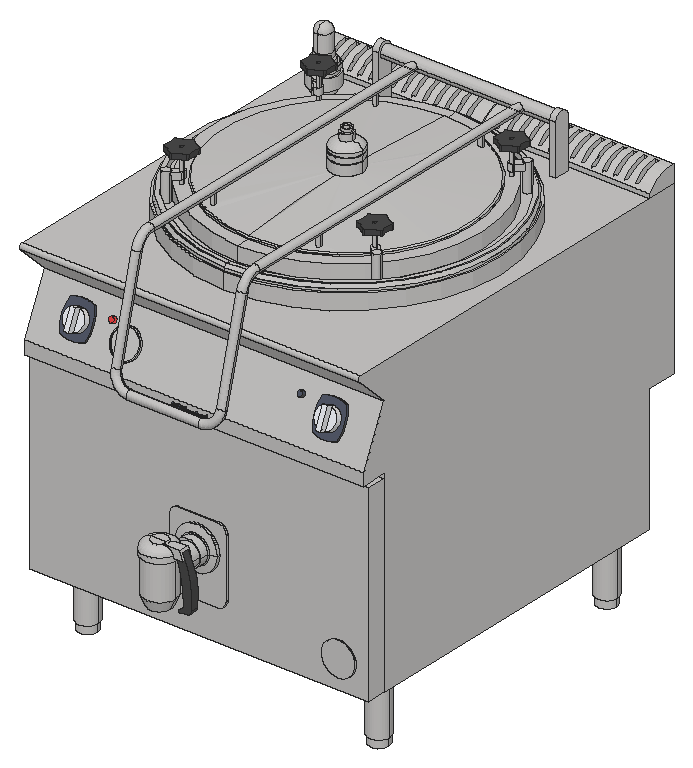
Revit family "QF_ELECTROLUXPROFESSIONAL_391616_E9NNETBAMEC", category Attrezzature speciali, Revit 2018 (continued)
Lines and regions (mm)
  symbolic lines
    curve 225: arc (624.323, -262.931, 0) -> (628.323, -258.931, 0) -> (632.323, -262.931, 0) r 4
    curve 226: arc (657.768, -246.369, 0) -> (653.24, -234.241, 0) -> (640.819, -237.891, 0) r 9.5
    curve 227: arc (400, -829, 0) -> (341.533, -824.274, 0) -> (284.584, -810.217, 0) r 364
    curve 228: arc (400, -819.087, 0) -> (341.488, -814.219, 0) -> (284.584, -799.749, 0) r 354.087
    curve 229: arc (400, -810.163, 0) -> (341.443, -805.16, 0) -> (284.584, -790.295, 0) r 345.163
    curve 230: arc (400, -785.832, 0) -> (341.301, -780.416, 0) -> (284.584, -764.353, 0) r 320.832
    curve 231: arc (400, -753.723, 0) -> (341.05, -747.641, 0) -> (284.584, -729.651, 0) r 288.723
    curve 232: arc (400, -176.277, 0) -> (458.95, -182.359, 0) -> (515.416, -200.349, 0) r 288.723
    curve 233: arc (400, -144.168, 0) -> (458.699, -149.584, 0) -> (515.416, -165.647, 0) r 320.832
    curve 234: arc (400, -119.837, 0) -> (458.557, -124.84, 0) -> (515.416, -139.705, 0) r 345.163
    curve 235: arc (454.332, -115.106, 0) -> (485.211, -121.319, 0) -> (515.416, -130.251, 0) r 354.087
    curve 236: arc (500.351, -115.106, 0) -> (507.909, -117.363, 0) -> (515.416, -119.783, 0) r 364
    curve 237: arc (284.584, -119.783, 0) -> (292.091, -117.363, 0) -> (299.649, -115.106, 0) r 364
    curve 238: arc (284.584, -130.251, 0) -> (314.789, -121.319, 0) -> (345.668, -115.106, 0) r 354.087
    curve 239: arc (284.584, -139.705, 0) -> (341.443, -124.84, 0) -> (400, -119.837, 0) r 345.163
    curve 240: arc (284.584, -165.647, 0) -> (341.301, -149.584, 0) -> (400, -144.168, 0) r 320.832
    curve 241: arc (284.584, -200.349, 0) -> (341.05, -182.359, 0) -> (400, -176.277, 0) r 288.723
    curve 242: arc (534.416, -209.474, 0) -> (568.945, -230.866, 0) -> (600.131, -256.892, 0) r 288.723
    curve 243: arc (534.416, -173.684, 0) -> (580.763, -199.938, 0) -> (622.126, -233.499, 0) r 320.832
    curve 244: arc (534.416, -147.085, 0) -> (745.163, -465, 0) -> (534.416, -782.915, 0) r 345.163
    curve 245: arc (534.416, -137.418, 0) -> (754.087, -465, 0) -> (534.416, -792.582, 0) r 354.087
    curve 246: arc (534.416, -126.727, 0) -> (764, -465, 0) -> (534.416, -803.273, 0) r 364
    curve 247: arc (265.584, -720.526, 0) -> (231.055, -699.134, 0) -> (199.869, -673.108, 0) r 288.723
    curve 248: arc (265.584, -756.316, 0) -> (219.237, -730.062, 0) -> (177.874, -696.501, 0) r 320.832
    curve 249: arc (265.584, -782.915, 0) -> (54.837, -465, 0) -> (265.584, -147.085, 0) r 345.163
    curve 250: arc (265.584, -792.582, 0) -> (45.913, -465, 0) -> (265.584, -137.418, 0) r 354.087
    curve 251: arc (265.584, -803.273, 0) -> (36, -465, 0) -> (265.584, -126.727, 0) r 364
    curve 252: arc (515.416, -810.217, 0) -> (458.467, -824.274, 0) -> (400, -829, 0) r 364
    curve 253: arc (515.416, -799.749, 0) -> (458.512, -814.219, 0) -> (400, -819.087, 0) r 354.087
    curve 254: arc (515.416, -790.295, 0) -> (458.557, -805.16, 0) -> (400, -810.163, 0) r 345.163
    curve 255: arc (515.416, -764.353, 0) -> (458.699, -780.416, 0) -> (400, -785.832, 0) r 320.832
    curve 256: arc (515.416, -729.651, 0) -> (458.95, -747.641, 0) -> (400, -753.723, 0) r 288.723
    curve 257: arc (199.869, -256.892, 0) -> (231.055, -230.866, 0) -> (265.584, -209.474, 0) r 288.723
    curve 258: arc (177.874, -233.499, 0) -> (219.237, -199.938, 0) -> (265.584, -173.684, 0) r 320.832
    curve 259: arc (632.594, -293.941, 0) -> (688.723, -465, 0) -> (632.594, -636.059, 0) r 288.723
    curve 260: arc (657.013, -272.965, 0) -> (720.832, -465, 0) -> (657.013, -657.035, 0) r 320.832
    curve 261: arc (600.131, -673.108, 0) -> (568.945, -699.134, 0) -> (534.416, -720.526, 0) r 288.723
    curve 262: arc (622.126, -696.501, 0) -> (580.763, -730.062, 0) -> (534.416, -756.316, 0) r 320.832
    curve 263: arc (167.406, -636.059, 0) -> (111.277, -465, 0) -> (167.406, -293.941, 0) r 288.723
    curve 264: arc (142.987, -657.035, 0) -> (79.168, -465, 0) -> (142.987, -272.965, 0) r 320.832
    curve 265: line (284.584, -930, 0) -> (515.416, -930, 0)
    curve 266: line (534.416, -930, 0) -> (800, -930, 0)
    curve 267: arc (363.126, -465, 0) -> (400, -428.126, 0) -> (436.874, -465, 0) r 36.874
    curve 268: arc (436.874, -465, 0) -> (400, -501.874, 0) -> (363.126, -465, 0) r 36.874
    curve 269: arc (411.853, -465, 0) -> (400, -476.853, 0) -> (388.147, -465, 0) r 11.853
    curve 270: arc (388.147, -465, 0) -> (400, -453.147, 0) -> (411.853, -465, 0) r 11.853
    curve 271: arc (393.147, -465, 0) -> (400, -458.147, 0) -> (406.853, -465, 0) r 6.853
    curve 272: arc (406.853, -465, 0) -> (400, -471.853, 0) -> (393.147, -465, 0) r 6.853
  sketch lines
    curve 273: line (524.916, -890.935, 965.089) -> (524.916, -107.606, 965.089)
    curve 274: line (275.084, -890.935, 965.089) -> (275.084, -107.606, 965.089)
    curve 275: line (275.084, -989.388, 712.205) -> (275.084, -929.572, 935.442)
    curve 276: line (484.916, -1000.106, 672.205) -> (315.084, -1000.106, 672.205)
    curve 277: line (524.916, -929.572, 935.442) -> (524.916, -989.388, 712.205)
    curve 278: spline (484.916, -1000.106, 672.205) -> (490.158, -1000.013, 672.551) -> (495.264, -999.741, 673.567) -> (500.22, -999.29, 675.249) -> (504.918, -998.67, 677.565) -> (509.267, -997.891, 680.471) -> (513.2, -996.967, 683.92) -> (516.65, -995.913, 687.855) -> (519.555, -994.746, 692.209) -> (521.869, -993.489, 696.901) -> (523.551, -992.164, 701.847) -> (524.57, -990.793, 706.961) -> (524.916, -989.388, 712.205)
    curve 279: spline (275.084, -989.388, 712.205) -> (275.43, -990.793, 706.963) -> (276.446, -992.161, 701.857) -> (278.128, -993.489, 696.901) -> (280.443, -994.748, 692.203) -> (283.35, -995.913, 687.854) -> (286.799, -996.967, 683.921) -> (290.734, -997.891, 680.471) -> (295.088, -998.67, 677.567) -> (299.78, -999.29, 675.252) -> (304.726, -999.74, 673.571) -> (309.84, -1000.013, 672.552) -> (315.084, -1000.106, 672.205)
    curve 280: arc (275.084, -890.935, 965.089) -> (275.084, -915.286, 956.823) -> (275.084, -929.572, 935.442) r 40
    curve 281: arc (524.916, -929.572, 935.442) -> (524.916, -915.286, 956.823) -> (524.916, -890.935, 965.089) r 40
    curve 282: line (275.084, -107.606, 965.089) -> (275.084, -270.469, 1731.3)
    curve 283: line (275.084, -538.322, 1775.026) -> (275.084, -307.502, 1762.929)
    curve 284: arc (275.084, -270.469, 1731.3) -> (275.084, -283.617, 1753.4) -> (275.084, -307.502, 1762.929) r 40
    curve 285: arc (275.084, -538.322, 1775.026) -> (286.8, -566.568, 1776.497) -> (315.084, -578.268, 1777.106) r 40
    curve 286: line (315.084, -578.268, 1777.106) -> (484.916, -578.268, 1777.106)
    curve 287: arc (524.916, -538.322, 1775.026) -> (513.2, -566.568, 1776.497) -> (484.916, -578.268, 1777.106) r 40
    curve 288: line (524.916, -538.322, 1775.026) -> (524.916, -307.502, 1762.929)
    curve 289: arc (524.916, -270.469, 1731.3) -> (524.916, -283.617, 1753.4) -> (524.916, -307.502, 1762.929) r 40
    curve 290: line (524.916, -107.606, 965.089) -> (524.916, -270.469, 1731.3)
Dimensions and locks
  equal spacing: plane 3 "LEFT", plane 7 "Center Y", plane 4 "RIGHT"
  plane 3 "LEFT" to plane 4 "RIGHT" = 800 mm
  equal spacing: plane 5 "FRONT", plane 8 "Center X", plane 1 "BACK"
  plane 5 "FRONT" to plane 1 "BACK" = 930 mm
  plane 6 "TOP" to level = 850 mm  (x2)
  plane 11 to level = 1786 mm  (x2)
  plane 9 "Base" to level = 150 mm  (x2)
  plane 6 "TOP" to plane 9 "Base" = 700 mm
  plane 13 to plane 3 "LEFT" = 56 mm
  plane 4 "RIGHT" to plane 14 = 56 mm
  plane 13 to plane 14 = 688 mm
  plane 12 to plane 5 "FRONT" = 130 mm
  plane 12 to Extrusion 5 = 101 mm
  Extrusion 5 to plane 10 = 116 mm
  plane 1 "BACK" to Extrusion 5 = 901 mm
  Extrusion 5 to plane 9 "Base" = 299 mm
  plane 1 "BACK" to Extrusion 5 = 72 mm
  Extrusion 21 sketch curve to plane 1 "BACK" = 655 mm
  Extrusion 21 sketch curve to plane 4 "RIGHT" = 54 mm
  Extrusion 22 sketch curve to plane 1 "BACK" = 721 mm
  Extrusion 22 sketch curve to plane 4 "RIGHT" = 71 mm
  Extrusion 22 to plane 1 "BACK" = 721 mm
  Extrusion 21 to plane 1 "BACK" = 655 mm
  plane 15 to plane 4 "RIGHT" = 54 mm
  plane 16 to plane 4 "RIGHT" = 71 mm
  Extrusion 23 sketch curve to plane 1 "BACK" = 646 mm
  Extrusion 23 sketch curve to plane 1 "BACK" = 716 mm
  Extrusion 23 to plane 1 "BACK" = 646 mm
  Extrusion 23 to plane 1 "BACK" = 716 mm
  plane 3 "LEFT" to plane 17 = 47 mm
  plane 1 "BACK" to plane 20 = 127 mm
  plane 20 to plane 12 = 673 mm
  Revolve 35 to level = 266 mm
  plane 9 "Base" to Extrusion 23 = 13 mm
  level to Extrusion 23 = 137 mm
  Extrusion 38 sketch curve to plane 1 "BACK" = 716 mm
  aligned and locked: level to plane 2
  aligned and locked: plane 4 "RIGHT" to Extrusion 5
Automatic sketch dimensions
  Revolve 1 sketch curve to plane 9 "Base" = 0 mm  (x2)
  Revolve 1 sketch curve to level = 0 mm
  plane 13 to Revolve 1 sketch curve = 0 mm  (x2)
  plane 17 to Revolve 1 sketch curve = 13.9 mm
  Revolve 1 sketch curve to Revolve 1 sketch curve = 2.5 mm
  level to Revolve 1 sketch curve = 19.05 mm
  plane 9 "Base" to Revolve 1 sketch curve = 20 mm
  Revolve 2 sketch curve to plane 9 "Base" = 0 mm  (x2)
  Revolve 2 sketch curve to level = 0 mm
  Revolve 2 sketch curve to plane 14 = 0 mm  (x2)
  Revolve 2 sketch curve to plane 15 = 20.9 mm
  Revolve 2 sketch curve to Revolve 2 sketch curve = 2.5 mm
  plane 9 "Base" to Revolve 2 sketch curve = 20 mm
  level to Revolve 2 sketch curve = 19.05 mm
  Revolve 3 sketch curve to plane 9 "Base" = 0 mm  (x2)
  Revolve 3 sketch curve to level = 0 mm
  plane 13 to Revolve 3 sketch curve = 0 mm  (x2)
  plane 17 to Revolve 3 sketch curve = 13.9 mm
  Revolve 3 sketch curve to Revolve 3 sketch curve = 2.5 mm
  level to Revolve 3 sketch curve = 19.05 mm
  plane 9 "Base" to Revolve 3 sketch curve = 20 mm
  Revolve 4 sketch curve to plane 9 "Base" = 0 mm  (x2)
  Revolve 4 sketch curve to level = 0 mm
  Revolve 4 sketch curve to plane 14 = 0 mm  (x2)
  Revolve 4 sketch curve to plane 15 = 20.9 mm
  Revolve 4 sketch curve to Revolve 4 sketch curve = 2.5 mm
  plane 9 "Base" to Revolve 4 sketch curve = 20 mm
  level to Revolve 4 sketch curve = 19.05 mm
  Extrusion 5 sketch curve to plane 6 "TOP" = 0 mm
  Extrusion 5 sketch curve to plane 9 "Base" = 0 mm  (x2)
  Extrusion 5 sketch curve to plane 1 "BACK" = 0 mm
  plane 20 to Extrusion 5 sketch curve = 55 mm
  Extrusion 5 sketch curve to plane 12 = 51.569 mm
  Extrusion 5 sketch curve to Extrusion 5 sketch curve = 3.175 mm  (x2)
  Extrusion 5 sketch curve to Extrusion 5 sketch curve = 0.442 mm
  Extrusion 5 sketch curve to plane 12 = 56.613 mm
  Extrusion 5 sketch curve to plane 5 "FRONT" = 29 mm
  Extrusion 5 sketch curve to plane 5 "FRONT" = 14.69 mm
  Extrusion 5 sketch curve to plane 5 "FRONT" = 7.658 mm
  Extrusion 5 sketch curve to plane 5 "FRONT" = 2.243 mm
  plane 9 "Base" to Extrusion 5 sketch curve = 299 mm
  Extrusion 5 sketch curve to plane 6 "TOP" = 247.929 mm
  Extrusion 5 sketch curve to Extrusion 5 sketch curve = 8.058 mm
  Extrusion 5 sketch curve to Extrusion 5 sketch curve = 9.61 mm
  Extrusion 5 sketch curve to Extrusion 5 sketch curve = 31.298 mm
  Extrusion 5 sketch curve to plane 6 "TOP" = 83.217 mm
  Extrusion 5 sketch curve to plane 6 "TOP" = 13.073 mm
  Extrusion 6 sketch curve to plane 7 "Center Y" = 46.875 mm
  plane 9 "Base" to Extrusion 6 sketch curve = 76.296 mm
  Extrusion 6 sketch curve to Extrusion 6 sketch curve = 20 mm  (x3)
  Extrusion 6 sketch curve to Extrusion 6 sketch curve = 140 mm
  plane 7 "Center Y" to Extrusion 6 sketch curve = 46.875 mm
  Extrusion 6 sketch curve to Extrusion 6 sketch curve = 0 mm
  Revolve 7 sketch curve to plane 7 "Center Y" = 0 mm  (x2)
  plane 7 "Center Y" to Revolve 7 sketch curve = 27.31 mm
  Revolve 7 sketch curve to Revolve 7 sketch curve = 4.21 mm
  Revolve 7 sketch curve to Revolve 7 sketch curve = 2.04 mm
  Revolve 7 sketch curve to Revolve 7 sketch curve = 16.919 mm
  Revolve 7 sketch curve to plane 10 = 22.744 mm
  plane 5 "FRONT" to Revolve 7 sketch curve = 4.737 mm
  Revolve 7 sketch curve to plane 5 "FRONT" = 1.761 mm
  Revolve 7 sketch curve to plane 5 "FRONT" = 13.787 mm
  Revolve 7 sketch curve to Revolve 7 sketch curve = 2.899 mm
  Revolve 7 sketch curve to Revolve 7 sketch curve = 3.596 mm
  Revolve 7 sketch curve to Revolve 7 sketch curve = 24.039 mm
  Revolve 7 sketch curve to Revolve 7 sketch curve = 15.961 mm
  plane 19 to Extrusion 9 sketch curve = 20.038 mm
  plane 16 to Extrusion 9 sketch curve = 1.596 mm
  Extrusion 9 sketch curve to Extrusion 9 sketch curve = 0 mm  (x3)
  Extrusion 9 sketch curve to plane 13 = 16.596 mm
  plane 18 to Extrusion 9 sketch curve = 20.038 mm
  Extrusion 9 sketch curve to Extrusion 9 sketch curve = 12.3 mm  (x2)
  Extrusion 9 sketch curve to plane 15 = 7.131 mm
  Extrusion 9 sketch curve to Extrusion 9 sketch curve = 34.925 mm  (x4)
  Extrusion 9 sketch curve to plane 19 = 5.076 mm
  Extrusion 9 sketch curve to plane 18 = 5.076 mm
  plane 17 to Extrusion 9 sketch curve = 0.131 mm
  Extrusion 9 sketch curve to Extrusion 9 sketch curve = 46.691 mm  (x2)
  plane 16 to Extrusion 9 sketch curve = 2.214 mm
  plane 18 to Extrusion 9 sketch curve = 20.651 mm
  Extrusion 9 sketch curve to plane 13 = 17.214 mm
  plane 19 to Extrusion 9 sketch curve = 20.651 mm
  Extrusion 10 sketch curve to Extrusion 10 sketch curve = 0 mm
  Extrusion 10 sketch curve to Extrusion 10 sketch curve = 595.086 mm
  Extrusion 11 sketch curve to Extrusion 11 sketch curve = 24.732 mm  (x2)
  Extrusion 11 sketch curve to Extrusion 11 sketch curve = 0 mm  (x2)
  Extrusion 12 sketch curve to plane 18 = 26.173 mm
  Extrusion 13 sketch curve to plane 19 = 26.173 mm
  plane 7 "Center Y" to Extrusion 14 sketch curve = 21.292 mm
  Extrusion 14 sketch curve to plane 6 "TOP" = 237.067 mm
  Extrusion 14 sketch curve to plane 7 "Center Y" = 13.807 mm
  Extrusion 14 sketch curve to Extrusion 14 sketch curve = 5.041 mm
  plane 7 "Center Y" to Extrusion 14 sketch curve = 5.969 mm
  Extrusion 14 sketch curve to Extrusion 14 sketch curve = 5.06 mm
  Extrusion 14 sketch curve to Extrusion 14 sketch curve = 0 mm  (x27)
  Extrusion 14 sketch curve to Extrusion 14 sketch curve = 5.108 mm  (x2)
  Extrusion 14 sketch curve to Extrusion 14 sketch curve = 0.054 mm
  Extrusion 14 sketch curve to Extrusion 14 sketch curve = 0.218 mm
  Extrusion 14 sketch curve to Extrusion 14 sketch curve = 0.195 mm
  Extrusion 14 sketch curve to Extrusion 14 sketch curve = 0.249 mm
  Extrusion 14 sketch curve to Extrusion 14 sketch curve = 0.316 mm
  Extrusion 14 sketch curve to Extrusion 14 sketch curve = 0.087 mm
  Extrusion 14 sketch curve to Extrusion 14 sketch curve = 0.358 mm
  Extrusion 14 sketch curve to Extrusion 14 sketch curve = 0.481 mm
  Extrusion 14 sketch curve to Extrusion 14 sketch curve = 0.597 mm
  Extrusion 14 sketch curve to Extrusion 14 sketch curve = 0.544 mm
  Extrusion 14 sketch curve to Extrusion 14 sketch curve = 0.936 mm
  Extrusion 14 sketch curve to Extrusion 14 sketch curve = 0.594 mm
  Extrusion 14 sketch curve to Extrusion 14 sketch curve = 0.343 mm
  Extrusion 14 sketch curve to Extrusion 14 sketch curve = 0.159 mm
  Extrusion 14 sketch curve to Extrusion 14 sketch curve = 0.826 mm
  Extrusion 14 sketch curve to Extrusion 14 sketch curve = 0.839 mm
  Extrusion 14 sketch curve to Extrusion 14 sketch curve = 0.852 mm
  Extrusion 14 sketch curve to Extrusion 14 sketch curve = 0.887 mm
  Extrusion 14 sketch curve to Extrusion 14 sketch curve = 0.928 mm
  Extrusion 14 sketch curve to Extrusion 14 sketch curve = 0.938 mm
  Extrusion 14 sketch curve to Extrusion 14 sketch curve = 0.444 mm
  Extrusion 14 sketch curve to Extrusion 14 sketch curve = 1.11 mm  (x3)
  plane 7 "Center Y" to Extrusion 14 sketch curve = 43.726 mm
  Extrusion 14 sketch curve to Extrusion 14 sketch curve = 0.215 mm
  plane 7 "Center Y" to Extrusion 14 sketch curve = 0.332 mm
  Extrusion 14 sketch curve to Extrusion 14 sketch curve = 1.43 mm
  Extrusion 14 sketch curve to Extrusion 14 sketch curve = 1.188 mm
  Extrusion 14 sketch curve to Extrusion 14 sketch curve = 1.21 mm  (x2)
  Extrusion 14 sketch curve to Extrusion 14 sketch curve = 0.503 mm
  plane 7 "Center Y" to Extrusion 14 sketch curve = 48.995 mm
  Extrusion 14 sketch curve to Extrusion 14 sketch curve = 0.488 mm
  plane 7 "Center Y" to Extrusion 14 sketch curve = 52.922 mm
  Extrusion 14 sketch curve to Extrusion 14 sketch curve = 0.462 mm
  Extrusion 14 sketch curve to Extrusion 14 sketch curve = 1.386 mm
  Extrusion 14 sketch curve to Extrusion 14 sketch curve = 1.742 mm
  Extrusion 14 sketch curve to Extrusion 14 sketch curve = 0.821 mm
  Extrusion 14 sketch curve to Extrusion 14 sketch curve = 0.497 mm
  Extrusion 14 sketch curve to Extrusion 14 sketch curve = 0.539 mm
  Extrusion 14 sketch curve to Extrusion 14 sketch curve = 0.199 mm
  Extrusion 14 sketch curve to plane 7 "Center Y" = 0.042 mm
  Extrusion 14 sketch curve to Extrusion 14 sketch curve = 0.408 mm
  Extrusion 14 sketch curve to Extrusion 14 sketch curve = 0.743 mm
  Extrusion 14 sketch curve to Extrusion 14 sketch curve = 1.16 mm
  Extrusion 14 sketch curve to Extrusion 14 sketch curve = 0.329 mm
  Extrusion 14 sketch curve to Extrusion 14 sketch curve = 1.054 mm
  Extrusion 14 sketch curve to Extrusion 14 sketch curve = 1.056 mm
  Extrusion 14 sketch curve to Extrusion 14 sketch curve = 0.129 mm
  Extrusion 14 sketch curve to Extrusion 14 sketch curve = 0.489 mm
  Extrusion 14 sketch curve to plane 7 "Center Y" = 0.376 mm
  Extrusion 14 sketch curve to Extrusion 14 sketch curve = 0.441 mm
  Extrusion 14 sketch curve to Extrusion 14 sketch curve = 1.151 mm
  Extrusion 14 sketch curve to Extrusion 14 sketch curve = 1.141 mm  (x2)
  Extrusion 14 sketch curve to Extrusion 14 sketch curve = 0.768 mm
  Extrusion 14 sketch curve to Extrusion 14 sketch curve = 1.653 mm
  Extrusion 14 sketch curve to Extrusion 14 sketch curve = 0.499 mm
  Extrusion 14 sketch curve to Extrusion 14 sketch curve = 0.964 mm
  Extrusion 14 sketch curve to Extrusion 14 sketch curve = 0.949 mm
  Extrusion 14 sketch curve to Extrusion 14 sketch curve = 1.345 mm  (x3)
  Extrusion 14 sketch curve to Extrusion 14 sketch curve = 1.101 mm
  Extrusion 14 sketch curve to Extrusion 14 sketch curve = 0.432 mm
  Extrusion 14 sketch curve to Extrusion 14 sketch curve = 1.142 mm
  Extrusion 14 sketch curve to Extrusion 14 sketch curve = 0.959 mm
  Extrusion 14 sketch curve to Extrusion 14 sketch curve = 0.176 mm
  Extrusion 14 sketch curve to Extrusion 14 sketch curve = 0.728 mm
  Extrusion 14 sketch curve to Extrusion 14 sketch curve = 3.375 mm  (x2)
  Extrusion 14 sketch curve to Extrusion 14 sketch curve = 0.541 mm
  Extrusion 14 sketch curve to Extrusion 14 sketch curve = 0.955 mm
  Extrusion 14 sketch curve to Extrusion 14 sketch curve = 1.251 mm
  Extrusion 14 sketch curve to Extrusion 14 sketch curve = 0.572 mm
  plane 7 "Center Y" to Extrusion 14 sketch curve = 47.619 mm
  Extrusion 14 sketch curve to Extrusion 14 sketch curve = 1.92 mm
  Extrusion 14 sketch curve to Extrusion 14 sketch curve = 1.224 mm
  Extrusion 14 sketch curve to Extrusion 14 sketch curve = 0.745 mm
  Extrusion 14 sketch curve to Extrusion 14 sketch curve = 0.036 mm
  Extrusion 14 sketch curve to Extrusion 14 sketch curve = 0.896 mm  (x3)
  Extrusion 14 sketch curve to Extrusion 14 sketch curve = 2.607 mm
  Extrusion 14 sketch curve to Extrusion 14 sketch curve = 0.066 mm
  Extrusion 14 sketch curve to Extrusion 14 sketch curve = 0.248 mm
  Extrusion 14 sketch curve to Extrusion 14 sketch curve = 0.449 mm
  plane 7 "Center Y" to Extrusion 14 sketch curve = 46.838 mm
  Extrusion 14 sketch curve to Extrusion 14 sketch curve = 1.052 mm
  Extrusion 14 sketch curve to Extrusion 14 sketch curve = 1.863 mm
  Extrusion 14 sketch curve to Extrusion 14 sketch curve = 1.31 mm  (x2)
  Extrusion 14 sketch curve to Extrusion 14 sketch curve = 0.901 mm
  Extrusion 14 sketch curve to Extrusion 14 sketch curve = 1.107 mm
  Extrusion 14 sketch curve to Extrusion 14 sketch curve = 2.122 mm
  Extrusion 14 sketch curve to Extrusion 14 sketch curve = 2.101 mm
  Extrusion 14 sketch curve to Extrusion 14 sketch curve = 0.106 mm
  Extrusion 14 sketch curve to Extrusion 14 sketch curve = 0.029 mm
  plane 7 "Center Y" to Extrusion 14 sketch curve = 49.641 mm
  Extrusion 14 sketch curve to Extrusion 14 sketch curve = 2.09 mm
  Extrusion 14 sketch curve to Extrusion 14 sketch curve = 1.279 mm
  Extrusion 14 sketch curve to Extrusion 14 sketch curve = 2.008 mm
  Extrusion 14 sketch curve to Extrusion 14 sketch curve = 0.738 mm
  Extrusion 14 sketch curve to Extrusion 14 sketch curve = 0.382 mm
  Extrusion 14 sketch curve to Extrusion 14 sketch curve = 0.384 mm
  Extrusion 14 sketch curve to Extrusion 14 sketch curve = 0.002 mm
  Extrusion 14 sketch curve to Extrusion 14 sketch curve = 0.561 mm
  Extrusion 14 sketch curve to Extrusion 14 sketch curve = 0.592 mm
  Extrusion 14 sketch curve to Extrusion 14 sketch curve = 2.692 mm
  Extrusion 14 sketch curve to Extrusion 14 sketch curve = 1.259 mm
  plane 7 "Center Y" to Extrusion 14 sketch curve = 48.858 mm
  Extrusion 14 sketch curve to Extrusion 14 sketch curve = 0.802 mm
  Extrusion 14 sketch curve to Extrusion 14 sketch curve = 1.024 mm
  Extrusion 14 sketch curve to Extrusion 14 sketch curve = 0.682 mm
  Extrusion 14 sketch curve to Extrusion 14 sketch curve = 5.934 mm
  Extrusion 14 sketch curve to Extrusion 14 sketch curve = 2.186 mm
  Extrusion 14 sketch curve to Extrusion 14 sketch curve = 0.337 mm
  Extrusion 14 sketch curve to Extrusion 14 sketch curve = 0.021 mm
  Extrusion 14 sketch curve to Extrusion 14 sketch curve = 1.005 mm
  Extrusion 14 sketch curve to Extrusion 14 sketch curve = 0.552 mm
  Extrusion 14 sketch curve to Extrusion 14 sketch curve = 0.778 mm
  Extrusion 14 sketch curve to Extrusion 14 sketch curve = 0.063 mm
  Extrusion 14 sketch curve to Extrusion 14 sketch curve = 1.023 mm
  Extrusion 14 sketch curve to Extrusion 14 sketch curve = 3.804 mm
  Extrusion 14 sketch curve to Extrusion 14 sketch curve = 0.486 mm
  Extrusion 14 sketch curve to Extrusion 14 sketch curve = 0.266 mm
  Extrusion 14 sketch curve to plane 7 "Center Y" = 0.787 mm
  Extrusion 14 sketch curve to Extrusion 14 sketch curve = 1.547 mm
  Extrusion 14 sketch curve to Extrusion 14 sketch curve = 0.717 mm  (x2)
  Extrusion 14 sketch curve to Extrusion 14 sketch curve = 1.667 mm
  plane 7 "Center Y" to Extrusion 14 sketch curve = 44.532 mm
  Extrusion 14 sketch curve to Extrusion 14 sketch curve = 3.174 mm
  plane 7 "Center Y" to Extrusion 14 sketch curve = 0.368 mm
  Extrusion 14 sketch curve to Extrusion 14 sketch curve = 0.388 mm
  Extrusion 14 sketch curve to Extrusion 14 sketch curve = 1.342 mm
  plane 7 "Center Y" to Extrusion 14 sketch curve = 50.135 mm
  Extrusion 14 sketch curve to Extrusion 14 sketch curve = 1.521 mm
  plane 7 "Center Y" to Extrusion 14 sketch curve = 51.694 mm
  Extrusion 14 sketch curve to Extrusion 14 sketch curve = 0.124 mm
  Extrusion 14 sketch curve to Extrusion 14 sketch curve = 0.291 mm
  plane 7 "Center Y" to Extrusion 14 sketch curve = 7.285 mm
  Extrusion 14 sketch curve to Extrusion 14 sketch curve = 1.049 mm  (x2)
  plane 7 "Center Y" to Extrusion 14 sketch curve = 47.668 mm
  Extrusion 14 sketch curve to Extrusion 14 sketch curve = 1.7 mm
  Extrusion 14 sketch curve to Extrusion 14 sketch curve = 0.894 mm
  Extrusion 14 sketch curve to Extrusion 14 sketch curve = 0.989 mm
  Extrusion 14 sketch curve to Extrusion 14 sketch curve = 1.168 mm
  Extrusion 14 sketch curve to Extrusion 14 sketch curve = 1.594 mm
  Extrusion 14 sketch curve to Extrusion 14 sketch curve = 0.731 mm
  Extrusion 14 sketch curve to Extrusion 14 sketch curve = 1.566 mm
  Extrusion 14 sketch curve to Extrusion 14 sketch curve = 0.064 mm
  plane 7 "Center Y" to Extrusion 14 sketch curve = 7.842 mm
  Extrusion 14 sketch curve to Extrusion 14 sketch curve = 0.556 mm
  Extrusion 14 sketch curve to Extrusion 14 sketch curve = 0.48 mm
  Extrusion 14 sketch curve to Extrusion 14 sketch curve = 0.228 mm
  Extrusion 14 sketch curve to Extrusion 14 sketch curve = 1.018 mm
  plane 7 "Center Y" to Extrusion 14 sketch curve = 37.429 mm
  Extrusion 14 sketch curve to Extrusion 14 sketch curve = 0.787 mm
  Extrusion 14 sketch curve to Extrusion 14 sketch curve = 0.618 mm
  plane 7 "Center Y" to Extrusion 14 sketch curve = 42.486 mm
  Extrusion 14 sketch curve to Extrusion 14 sketch curve = 1.672 mm
  plane 7 "Center Y" to Extrusion 14 sketch curve = 53.436 mm
  Extrusion 14 sketch curve to Extrusion 14 sketch curve = 1.361 mm
  Extrusion 14 sketch curve to Extrusion 14 sketch curve = 0.822 mm
  Extrusion 14 sketch curve to Extrusion 14 sketch curve = 0.069 mm
  Extrusion 14 sketch curve to Extrusion 14 sketch curve = 1.88 mm
  plane 7 "Center Y" to Extrusion 14 sketch curve = 35.269 mm
  Extrusion 14 sketch curve to Extrusion 14 sketch curve = 0.42 mm
  Extrusion 14 sketch curve to Extrusion 14 sketch curve = 0.062 mm
  Extrusion 14 sketch curve to Extrusion 14 sketch curve = 1.355 mm
  Extrusion 14 sketch curve to Extrusion 14 sketch curve = 2.34 mm
  Extrusion 14 sketch curve to Extrusion 14 sketch curve = 0.493 mm
  Extrusion 14 sketch curve to Extrusion 14 sketch curve = 0.136 mm
  Extrusion 14 sketch curve to Extrusion 14 sketch curve = 0.128 mm
  Extrusion 14 sketch curve to Extrusion 14 sketch curve = 3.616 mm
  Extrusion 14 sketch curve to Extrusion 14 sketch curve = 4.207 mm
  Extrusion 14 sketch curve to Extrusion 14 sketch curve = 0.183 mm
  Extrusion 14 sketch curve to Extrusion 14 sketch curve = 0.895 mm
  Extrusion 14 sketch curve to Extrusion 14 sketch curve = 1.314 mm
  Extrusion 14 sketch curve to Extrusion 14 sketch curve = 3.231 mm
  Extrusion 14 sketch curve to plane 7 "Center Y" = 23.526 mm
  Extrusion 14 sketch curve to Extrusion 14 sketch curve = 1.299 mm
  Extrusion 14 sketch curve to Extrusion 14 sketch curve = 1.214 mm
  plane 7 "Center Y" to Extrusion 14 sketch curve = 26.369 mm
  Extrusion 14 sketch curve to Extrusion 14 sketch curve = 1.264 mm
  Extrusion 14 sketch curve to Extrusion 14 sketch curve = 0.109 mm
  Extrusion 14 sketch curve to Extrusion 14 sketch curve = 0.357 mm
  Extrusion 14 sketch curve to Extrusion 14 sketch curve = 0.565 mm
  Extrusion 14 sketch curve to Extrusion 14 sketch curve = 2.504 mm
  Extrusion 14 sketch curve to Extrusion 14 sketch curve = 2.459 mm
  Extrusion 14 sketch curve to Extrusion 14 sketch curve = 0.983 mm
  Extrusion 14 sketch curve to Extrusion 14 sketch curve = 0.422 mm  (x2)
  Extrusion 14 sketch curve to Extrusion 14 sketch curve = 1.268 mm
  Extrusion 14 sketch curve to Extrusion 14 sketch curve = 0.671 mm
  Extrusion 14 sketch curve to Extrusion 14 sketch curve = 1.634 mm
  Extrusion 14 sketch curve to Extrusion 14 sketch curve = 0.132 mm
  Extrusion 14 sketch curve to Extrusion 14 sketch curve = 0.586 mm
  Extrusion 14 sketch curve to Extrusion 14 sketch curve = 1.241 mm
  Extrusion 14 sketch curve to Extrusion 14 sketch curve = 1.689 mm
  Extrusion 14 sketch curve to Extrusion 14 sketch curve = 0.627 mm
  Extrusion 14 sketch curve to Extrusion 14 sketch curve = 0.419 mm
  Extrusion 14 sketch curve to Extrusion 14 sketch curve = 1.514 mm
  Extrusion 14 sketch curve to Extrusion 14 sketch curve = 1.019 mm
  Extrusion 14 sketch curve to Extrusion 14 sketch curve = 0.065 mm
  Extrusion 14 sketch curve to Extrusion 14 sketch curve = 1.215 mm
  Extrusion 14 sketch curve to Extrusion 14 sketch curve = 1.122 mm
  Extrusion 14 sketch curve to Extrusion 14 sketch curve = 1.153 mm
  Extrusion 14 sketch curve to Extrusion 14 sketch curve = 1.223 mm
  Extrusion 14 sketch curve to Extrusion 14 sketch curve = 0.934 mm
  Extrusion 14 sketch curve to Extrusion 14 sketch curve = 3.376 mm
  Extrusion 14 sketch curve to Extrusion 14 sketch curve = 0.222 mm
  Extrusion 14 sketch curve to Extrusion 14 sketch curve = 1.383 mm
  Extrusion 14 sketch curve to Extrusion 14 sketch curve = 1.556 mm
  Extrusion 14 sketch curve to Extrusion 14 sketch curve = 2.559 mm
  Extrusion 14 sketch curve to Extrusion 14 sketch curve = 2.51 mm
  Extrusion 14 sketch curve to Extrusion 14 sketch curve = 0.131 mm
  Extrusion 14 sketch curve to Extrusion 14 sketch curve = 1.134 mm
  Extrusion 14 sketch curve to Extrusion 14 sketch curve = 0.094 mm
  Extrusion 14 sketch curve to Extrusion 14 sketch curve = 1.584 mm
  Extrusion 14 sketch curve to Extrusion 14 sketch curve = 0.27 mm
  Extrusion 14 sketch curve to Extrusion 14 sketch curve = 0.916 mm
  Extrusion 14 sketch curve to Extrusion 14 sketch curve = 0.352 mm
  Extrusion 14 sketch curve to Extrusion 14 sketch curve = 0.458 mm
  Extrusion 14 sketch curve to Extrusion 14 sketch curve = 1.282 mm
  Extrusion 14 sketch curve to Extrusion 14 sketch curve = 1.363 mm
  Extrusion 14 sketch curve to Extrusion 14 sketch curve = 0.685 mm
  Extrusion 14 sketch curve to Extrusion 14 sketch curve = 0.905 mm
  Extrusion 14 sketch curve to Extrusion 14 sketch curve = 1.477 mm
  Extrusion 14 sketch curve to Extrusion 14 sketch curve = 0.472 mm
  Extrusion 14 sketch curve to Extrusion 14 sketch curve = 0.101 mm
  Extrusion 14 sketch curve to Extrusion 14 sketch curve = 0.54 mm
  Extrusion 14 sketch curve to Extrusion 14 sketch curve = 0.02 mm
  Extrusion 14 sketch curve to Extrusion 14 sketch curve = 0.829 mm
  Extrusion 14 sketch curve to Extrusion 14 sketch curve = 0.582 mm
  Extrusion 14 sketch curve to Extrusion 14 sketch curve = 0.166 mm
  Extrusion 14 sketch curve to Extrusion 14 sketch curve = 0.16 mm
  Extrusion 14 sketch curve to Extrusion 14 sketch curve = 1.118 mm
  Extrusion 14 sketch curve to Extrusion 14 sketch curve = 0.613 mm
  Extrusion 14 sketch curve to Extrusion 14 sketch curve = 0.781 mm
  Extrusion 14 sketch curve to Extrusion 14 sketch curve = 0.361 mm
  Extrusion 14 sketch curve to Extrusion 14 sketch curve = 0.897 mm
  Extrusion 14 sketch curve to Extrusion 14 sketch curve = 0.167 mm
  Extrusion 14 sketch curve to Extrusion 14 sketch curve = 0.292 mm
  Extrusion 14 sketch curve to Extrusion 14 sketch curve = 0.305 mm
  Extrusion 14 sketch curve to Extrusion 14 sketch curve = 1.557 mm
  Extrusion 14 sketch curve to Extrusion 14 sketch curve = 2.499 mm
  Extrusion 14 sketch curve to Extrusion 14 sketch curve = 3.062 mm
  Extrusion 14 sketch curve to Extrusion 14 sketch curve = 2.968 mm
  Extrusion 14 sketch curve to Extrusion 14 sketch curve = 5.044 mm
  Extrusion 14 sketch curve to Extrusion 14 sketch curve = 0.629 mm  (x2)
  Extrusion 14 sketch curve to Extrusion 14 sketch curve = 1.131 mm
  Extrusion 14 sketch curve to Extrusion 14 sketch curve = 0.137 mm
  Extrusion 14 sketch curve to Extrusion 14 sketch curve = 0.027 mm
  Extrusion 14 sketch curve to Extrusion 14 sketch curve = 2.046 mm
  Extrusion 14 sketch curve to Extrusion 14 sketch curve = 2.235 mm
  Revolve 15 sketch curve to plane 6 "TOP" = 0 mm
  Revolve 15 sketch curve to plane 8 "Center X" = 0 mm  (x2)
  plane 12 to Revolve 15 sketch curve = 46.277 mm
  Revolve 15 sketch curve to Revolve 15 sketch curve = 2.777 mm  (x2)
  plane 12 to Revolve 15 sketch curve = 14.168 mm
  Revolve 15 sketch curve to plane 12 = 10.163 mm
  Revolve 15 sketch curve to Revolve 15 sketch curve = 8.924 mm
  Revolve 15 sketch curve to Revolve 15 sketch curve = 13.837 mm
  Revolve 15 sketch curve to plane 12 = 29 mm
  Revolve 15 sketch curve to level = 1659.206 mm
  plane 6 "TOP" to Revolve 15 sketch curve = 37.198 mm
  Revolve 15 sketch curve to Revolve 15 sketch curve = 1.927 mm
  plane 6 "TOP" to Revolve 15 sketch curve = 40.825 mm
  Revolve 15 sketch curve to Revolve 15 sketch curve = 5.725 mm
  Revolve 15 sketch curve to Revolve 15 sketch curve = 8.509 mm
  Revolve 15 sketch curve to Revolve 15 sketch curve = 1.804 mm
  Revolve 15 sketch curve to Revolve 15 sketch curve = 35.657 mm
  Revolve 15 sketch curve to Revolve 15 sketch curve = 3.37 mm
  Revolve 15 sketch curve to Revolve 15 sketch curve = 6.257 mm
  Extrusion 16 sketch curve to plane 6 "TOP" = 0 mm
  Extrusion 16 sketch curve to plane 1 "BACK" = 0 mm
  plane 1 "BACK" to Extrusion 16 sketch curve = 4.947 mm
  plane 6 "TOP" to Extrusion 16 sketch curve = 10.4 mm
  plane 20 to Extrusion 16 sketch curve = 57.15 mm
  Extrusion 16 sketch curve to plane 6 "TOP" = 39.807 mm
  plane 1 "BACK" to Extrusion 17 sketch curve = 6.761 mm  (x14)
  Extrusion 17 sketch curve to Extrusion 17 sketch curve = 57.15 mm
  Extrusion 17 sketch curve to Extrusion 17 sketch curve = 0 mm  (x13)
  plane 17 to Extrusion 17 sketch curve = 8.001 mm
  Extrusion 17 sketch curve to Extrusion 17 sketch curve = 9.296 mm  (x13)
  plane 13 to Extrusion 17 sketch curve = 0.809 mm
  Extrusion 17 sketch curve to plane 13 = 8.487 mm
  Extrusion 17 sketch curve to Extrusion 17 sketch curve = 16.193 mm  (x11)
  Extrusion 17 sketch curve to plane 18 = 6.135 mm
  Extrusion 18 sketch curve to plane 6 "TOP" = 0 mm
  Extrusion 18 sketch curve to plane 1 "BACK" = 0 mm
  plane 1 "BACK" to Extrusion 18 sketch curve = 4.947 mm
  plane 6 "TOP" to Extrusion 18 sketch curve = 10.4 mm
  plane 20 to Extrusion 18 sketch curve = 57.15 mm
  Extrusion 18 sketch curve to Extrusion 18 sketch curve = 42.1 mm
  plane 1 "BACK" to Extrusion 19 sketch curve = 6.761 mm  (x14)
  Extrusion 19 sketch curve to Extrusion 19 sketch curve = 57.15 mm
  Extrusion 19 sketch curve to Extrusion 19 sketch curve = 0 mm  (x13)
  Extrusion 19 sketch curve to plane 16 = 6.513 mm
  plane 16 to Extrusion 19 sketch curve = 9.68 mm
  Extrusion 19 sketch curve to Extrusion 19 sketch curve = 9.296 mm  (x13)
  Extrusion 19 sketch curve to Extrusion 19 sketch curve = 16.193 mm  (x10)
  Extrusion 19 sketch curve to plane 19 = 6.135 mm
  plane 14 to Extrusion 19 sketch curve = 0.809 mm
  Extrusion 19 sketch curve to plane 15 = 15.001 mm
  Extrusion 20 sketch curve to plane 18 = 124.074 mm  (x2)
  Extrusion 20 sketch curve to plane 19 = 124.074 mm  (x2)
  plane 12 to Extrusion 20 sketch curve = 96.372 mm  (x2)
  Extrusion 20 sketch curve to plane 20 = 98.372 mm  (x2)
  Extrusion 25 sketch curve to plane 6 "TOP" = 0 mm
  plane 20 to Extrusion 25 sketch curve = 9.5 mm
  Extrusion 25 sketch curve to Extrusion 25 sketch curve = 17.394 mm
  Extrusion 25 sketch curve to Extrusion 25 sketch curve = 117.07 mm
  plane 20 to Extrusion 26 sketch curve = 26.894 mm
  plane 6 "TOP" to Extrusion 26 sketch curve = 115.089 mm
  Extrusion 27 sketch curve to plane 6 "TOP" = 0 mm
  plane 20 to Extrusion 27 sketch curve = 9.5 mm
  Extrusion 27 sketch curve to Extrusion 27 sketch curve = 17.394 mm
  Extrusion 27 sketch curve to Extrusion 27 sketch curve = 117.07 mm
  Extrusion 28 sketch curve to plane 18 = 66.922 mm
  Split face 1 sketch curve to Split face 1 sketch curve = 0.836 mm
  Split face 1 sketch curve to Split face 1 sketch curve = 1.45 mm
  Split face 1 sketch curve to Split face 1 sketch curve = 19.376 mm
  Split face 1 sketch curve to Split face 1 sketch curve = 0.222 mm
  Split face 1 sketch curve to Split face 1 sketch curve = 0.237 mm
  Split face 1 sketch curve to Split face 1 sketch curve = 0.785 mm
  Split face 1 sketch curve to Split face 1 sketch curve = 1.487 mm
  Split face 1 sketch curve to Split face 1 sketch curve = 4.448 mm
  Split face 1 sketch curve to Split face 1 sketch curve = 1.554 mm  (x2)
  Split face 1 sketch curve to Split face 1 sketch curve = 4.065 mm
  Split face 1 sketch curve to Split face 1 sketch curve = 16.107 mm
  Split face 1 sketch curve to Split face 1 sketch curve = 0.246 mm
  Revolve 30 sketch curve to plane 6 "TOP" = 0 mm
  Revolve 30 sketch curve to plane 20 = 0 mm  (x2)
  Revolve 30 sketch curve to plane 20 = 18.183 mm
  Revolve 30 sketch curve to Revolve 30 sketch curve = 2.332 mm
  Revolve 30 sketch curve to Revolve 30 sketch curve = 4.485 mm  (x2)
  Revolve 30 sketch curve to plane 20 = 25 mm
  Revolve 30 sketch curve to Revolve 30 sketch curve = 5 mm  (x2)
  Revolve 30 sketch curve to Revolve 30 sketch curve = 0 mm  (x2)
  Revolve 30 sketch curve to Revolve 30 sketch curve = 3.008 mm
  Revolve 30 sketch curve to Revolve 30 sketch curve = 10 mm  (x2)
  plane 6 "TOP" to Revolve 30 sketch curve = 15.138 mm
  Revolve 30 sketch curve to Revolve 30 sketch curve = 27.785 mm
  Revolve 30 sketch curve to Revolve 30 sketch curve = 8.509 mm
  Revolve 30 sketch curve to Revolve 30 sketch curve = 8.128 mm
  Revolve 30 sketch curve to Revolve 30 sketch curve = 6.455 mm
  Revolve 30 sketch curve to Revolve 30 sketch curve = 10.697 mm
  Revolve 30 sketch curve to Revolve 30 sketch curve = 40.669 mm
  Revolve 15 to Extrusion 31 sketch curve = 248.99 mm  (x2)
  Extrusion 31 sketch curve to Revolve 15 = 248.99 mm  (x2)
  Extrusion 31 sketch curve to Extrusion 31 sketch curve = 0 mm
  Extrusion 31 sketch curve to Extrusion 31 sketch curve = 445 mm  (x2)
  Extrusion 32 sketch curve to plane 18 = 0 mm  (x2)
  Extrusion 32 sketch curve to plane 19 = 0 mm  (x2)
  plane 18 to Extrusion 32 sketch curve = 2.034 mm  (x2)
  Extrusion 32 sketch curve to plane 18 = 9.28 mm  (x2)
  Extrusion 32 sketch curve to plane 18 = 14.468 mm  (x2)
  Extrusion 32 sketch curve to Extrusion 32 sketch curve = 5.657 mm  (x12)
  Extrusion 32 sketch curve to plane 19 = 25.782 mm  (x2)
  Extrusion 32 sketch curve to plane 19 = 9.28 mm  (x2)
  plane 19 to Extrusion 32 sketch curve = 2.034 mm  (x2)
  plane 12 to Extrusion 32 sketch curve = 111.229 mm  (x2)
  Extrusion 32 sketch curve to Extrusion 32 sketch curve = 2.034 mm  (x2)
  Extrusion 32 sketch curve to Extrusion 32 sketch curve = 16.502 mm  (x4)
  Extrusion 32 sketch curve to plane 20 = 141.519 mm  (x2)
  Extrusion 32 sketch curve to Extrusion 32 sketch curve = 9.28 mm  (x2)
  Revolve 15 to Extrusion 33 sketch curve = 228.323 mm  (x2)
  Extrusion 33 sketch curve to Revolve 15 = 228.323 mm  (x2)
  Extrusion 33 sketch curve to Extrusion 33 sketch curve = 0 mm
  Extrusion 33 sketch curve to Extrusion 33 sketch curve = 404.139 mm  (x2)
  Extrusion 34 sketch curve to Extrusion 34 sketch curve = 0 mm  (x58)
  Extrusion 34 sketch curve to plane 13 = 22.767 mm  (x2)
  plane 18 to Extrusion 34 sketch curve = 25.788 mm  (x4)
  plane 18 to Extrusion 34 sketch curve = 8.933 mm  (x4)
  Extrusion 34 sketch curve to Extrusion 34 sketch curve = 2.05 mm  (x8)
  Extrusion 34 sketch curve to Extrusion 34 sketch curve = 2.922 mm  (x12)
  Extrusion 34 sketch curve to Extrusion 34 sketch curve = 0.873 mm  (x12)
  Extrusion 34 sketch curve to plane 18 = 16.667 mm  (x2)
  Extrusion 34 sketch curve to plane 18 = 18.605 mm  (x2)
  Extrusion 34 sketch curve to plane 18 = 18.637 mm  (x2)
  Extrusion 34 sketch curve to Extrusion 34 sketch curve = 2.063 mm  (x8)
  Extrusion 34 sketch curve to Extrusion 34 sketch curve = 2.031 mm  (x8)
  Extrusion 34 sketch curve to Extrusion 34 sketch curve = 4 mm  (x4)
  Extrusion 34 sketch curve to Extrusion 34 sketch curve = 22.678 mm  (x4)
  Extrusion 34 sketch curve to Extrusion 34 sketch curve = 44.393 mm
  Extrusion 34 sketch curve to plane 20 = 55.467 mm  (x2)
  Extrusion 34 sketch curve to Extrusion 34 sketch curve = 44.425 mm
  Extrusion 34 sketch curve to plane 19 = 113.578 mm  (x2)
  Extrusion 34 sketch curve to plane 19 = 67.123 mm  (x4)
  Extrusion 34 sketch curve to plane 19 = 50.268 mm  (x2)
  Extrusion 34 sketch curve to plane 19 = 24.667 mm  (x2)
  Extrusion 34 sketch curve to plane 19 = 22.73 mm  (x2)
  Extrusion 34 sketch curve to plane 19 = 22.698 mm  (x2)
  plane 19 to Extrusion 34 sketch curve = 6.011 mm  (x4)
  plane 19 to Extrusion 34 sketch curve = 25.788 mm  (x2)
  Extrusion 34 sketch curve to Extrusion 34 sketch curve = 47.449 mm  (x2)
  Extrusion 34 sketch curve to Extrusion 34 sketch curve = 15.403 mm  (x4)
  Extrusion 34 sketch curve to plane 8 "Center X" = 121.606 mm  (x2)
  Extrusion 34 sketch curve to Extrusion 34 sketch curve = 47.479 mm  (x2)
  Revolve 35 sketch curve to plane 7 "Center Y" = 0 mm  (x2)
  plane 7 "Center Y" to Revolve 35 sketch curve = 20.039 mm
  plane 7 "Center Y" to Revolve 35 sketch curve = 26.476 mm
  Revolve 35 sketch curve to Revolve 35 sketch curve = 17.448 mm
  Revolve 35 sketch curve to Revolve 35 sketch curve = 3.622 mm
  plane 9 "Base" to Revolve 35 sketch curve = 106.66 mm
  Revolve 35 sketch curve to Revolve 35 sketch curve = 9.34 mm
  Revolve 35 sketch curve to Revolve 35 sketch curve = 25 mm
  Revolve 35 sketch curve to Revolve 35 sketch curve = 83.963 mm
  Revolve 35 sketch curve to Revolve 35 sketch curve = 7.566 mm
  Revolve 35 sketch curve to Revolve 35 sketch curve = 12.044 mm
  Revolve 35 sketch curve to Revolve 35 sketch curve = 22.59 mm
  Extrusion 36 sketch curve to plane 18 = 99.149 mm
  Extrusion 36 sketch curve to Extrusion 36 sketch curve = 43.767 mm
  plane 7 "Center Y" to Extrusion 36 sketch curve = 38.183 mm
  plane 7 "Center Y" to Extrusion 36 sketch curve = 50.92 mm
  Extrusion 36 sketch curve to Extrusion 36 sketch curve = 3.423 mm
  Extrusion 36 sketch curve to Extrusion 36 sketch curve = 0 mm
  Extrusion 36 sketch curve to Extrusion 36 sketch curve = 0.693 mm
  Extrusion 36 sketch curve to Extrusion 36 sketch curve = 0.284 mm
  Extrusion 36 sketch curve to Extrusion 36 sketch curve = 22.359 mm
  Extrusion 36 sketch curve to Extrusion 36 sketch curve = 7.729 mm
  Extrusion 36 sketch curve to Extrusion 36 sketch curve = 8.743 mm
  Extrusion 36 sketch curve to Extrusion 36 sketch curve = 1.357 mm
  Extrusion 36 sketch curve to Extrusion 36 sketch curve = 9.852 mm
  plane 9 "Base" to Extrusion 36 sketch curve = 120.686 mm
  Extrusion 36 sketch curve to Extrusion 36 sketch curve = 2.347 mm
  Extrusion 36 sketch curve to Extrusion 36 sketch curve = 3.764 mm
  Extrusion 36 sketch curve to Extrusion 36 sketch curve = 0.821 mm
  plane 9 "Base" to Extrusion 36 sketch curve = 151.038 mm
  Extrusion 37 sketch curve to plane 7 "Center Y" = 9.756 mm
  plane 7 "Center Y" to Extrusion 37 sketch curve = 2.961 mm
  plane 7 "Center Y" to Extrusion 37 sketch curve = 15.663 mm
  Extrusion 37 sketch curve to Extrusion 37 sketch curve = 21.173 mm
  Extrusion 37 sketch curve to Extrusion 37 sketch curve = 19.905 mm
  Extrusion 37 sketch curve to Extrusion 37 sketch curve = 7.134 mm
  plane 9 "Base" to Extrusion 37 sketch curve = 220.162 mm
  Extrusion 37 sketch curve to Extrusion 37 sketch curve = 0.322 mm
  Revolve 39 sketch curve to plane 7 "Center Y" = 0 mm  (x2)
  plane 7 "Center Y" to Revolve 39 sketch curve = 6.853 mm
  plane 7 "Center Y" to Revolve 39 sketch curve = 9.619 mm
  plane 7 "Center Y" to Revolve 39 sketch curve = 10.424 mm
  Revolve 39 sketch curve to Revolve 39 sketch curve = 5 mm  (x5)
  plane 7 "Center Y" to Revolve 39 sketch curve = 26.874 mm
  Revolve 39 sketch curve to Revolve 39 sketch curve = 24.24 mm
  Revolve 39 sketch curve to Revolve 39 sketch curve = 0 mm  (x4)
  Revolve 39 sketch curve to Revolve 39 sketch curve = 2.21 mm
  plane 6 "TOP" to Revolve 39 sketch curve = 84.683 mm
  Revolve 39 sketch curve to Revolve 39 sketch curve = 16.26 mm
  Revolve 39 sketch curve to Revolve 39 sketch curve = 22.675 mm
  Revolve 39 sketch curve to Revolve 39 sketch curve = 2.956 mm  (x2)
  Revolve 39 sketch curve to Revolve 39 sketch curve = 4.59 mm
  Revolve 39 sketch curve to Revolve 39 sketch curve = 11.003 mm
  Revolve 39 sketch curve to Revolve 39 sketch curve = 7.062 mm
  Revolve 39 sketch curve to Revolve 39 sketch curve = 13.329 mm
  Revolve 39 sketch curve to Revolve 39 sketch curve = 2.791 mm
  Sweep 43 sketch curve to profile plane = 0 mm  (x2)
  curve 127 to curve 129 = 0 mm
  curve 129 to curve 127 = 0 mm
  curve 127 to curve 131 = 0 mm
  curve 131 to curve 127 = 0 mm
  curve 127 to curve 133 = 0 mm
  curve 133 to curve 127 = 0 mm
  curve 164 to curve 165 = 0 mm  (x2)
  curve 210 to curve 211 = 0 mm
  curve 227 to curve 228 = 0 mm  (x2)
  curve 227 to curve 229 = 0 mm  (x2)
  curve 227 to curve 230 = 0 mm  (x2)
  curve 227 to curve 231 = 0 mm  (x2)
  curve 227 to curve 232 = 0 mm  (x2)
  curve 227 to curve 233 = 0 mm  (x2)
  curve 227 to curve 234 = 0 mm  (x2)
  curve 227 to curve 235 = 0 mm  (x2)
  curve 227 to curve 236 = 0 mm  (x2)
  curve 227 to curve 237 = 0 mm  (x2)
  curve 227 to curve 238 = 0 mm  (x2)
  curve 227 to curve 239 = 0 mm
  curve 227 to curve 240 = 0 mm
  curve 227 to curve 241 = 0 mm
  curve 227 to curve 242 = 0 mm  (x2)
  curve 227 to curve 243 = 0 mm  (x2)
  curve 227 to curve 244 = 0 mm  (x2)
  curve 227 to curve 245 = 0 mm  (x2)
  curve 227 to curve 246 = 0 mm  (x2)
  curve 227 to curve 247 = 0 mm
  curve 227 to curve 248 = 0 mm  (x2)
  curve 227 to curve 249 = 0 mm  (x2)
  curve 227 to curve 250 = 0 mm  (x2)
  curve 227 to curve 251 = 0 mm  (x2)
  curve 227 to curve 252 = 0 mm
  curve 227 to curve 253 = 0 mm
  curve 227 to curve 254 = 0 mm
  curve 227 to curve 255 = 0 mm
  curve 227 to curve 256 = 0 mm
  curve 227 to curve 257 = 0 mm  (x2)
  curve 242 to curve 247 = 0 mm
  curve 249 to curve 272 = 0 mm
  curve 257 to curve 261 = 0 mm
  curve 257 to curve 263 = 0 mm
  curve 257 to curve 264 = 0 mm  (x2)
  curve 258 to curve 259 = 0 mm  (x2)
  curve 258 to curve 260 = 0 mm  (x2)
  curve 258 to curve 261 = 0 mm
  curve 258 to curve 262 = 0 mm  (x2)
  curve 258 to curve 263 = 0 mm  (x2)
  curve 258 to curve 264 = 0 mm
  curve 258 to curve 269 = 0 mm
  curve 268 to curve 272 = 0 mm  (x2)
  curve 270 to curve 272 = 0 mm  (x2)
  plane 5 "FRONT" to curve 3 = 0 mm
  curve 8 to plane 3 "LEFT" = 0 mm
  curve 195 to plane 18 = 0 mm
  curve 210 to plane 18 = 0 mm
  plane 5 "FRONT" to curve 4 = 0 mm
  plane 5 "FRONT" to curve 265 = 0 mm
  curve 268 to plane 8 "Center X" = 0 mm
  curve 227 to plane 7 "Center Y" = 0 mm
  curve 164 to plane 7 "Center Y" = 0 mm
  plane 5 "FRONT" to curve 266 = 0 mm
  curve 226 to plane 19 = 0 mm
  curve 180 to plane 19 = 0 mm
  curve 8 to plane 4 "RIGHT" = 0 mm
  plane 5 "FRONT" to curve 1 = 0 mm
  plane 10 to curve 165 = 0 mm
  plane 1 "BACK" to curve 5 = 0 mm
  curve 3 to plane 3 "LEFT" = 50 mm
  plane 1 "BACK" to curve 14 = 6.761 mm
  plane 17 to curve 14 = 17.297 mm
  plane 17 to curve 16 = 8.001 mm
  plane 13 to curve 20 = 0.809 mm
  curve 20 to plane 13 = 8.487 mm
  curve 185 to plane 13 = 22.767 mm
  curve 206 to plane 13 = 22.767 mm
  plane 1 "BACK" to curve 22 = 6.761 mm
  curve 19 to curve 22 = 16.193 mm
  curve 22 to curve 25 = 9.296 mm
  plane 1 "BACK" to curve 28 = 6.761 mm
  curve 22 to curve 28 = 16.193 mm
  curve 26 to curve 26 = 9.296 mm
  plane 18 to curve 208 = 25.788 mm
  plane 18 to curve 187 = 25.788 mm
  plane 18 to curve 204 = 25.788 mm
  curve 26 to curve 32 = 16.193 mm
  plane 18 to curve 264 = 8.023 mm  (x2)
  curve 31 to curve 32 = 9.296 mm
  curve 206 to curve 264 = 0.91 mm
  plane 18 to curve 211 = 9.5 mm
  curve 206 to curve 207 = 0 mm
  curve 211 to curve 205 = 0.567 mm
  plane 18 to curve 185 = 8.933 mm
  curve 185 to curve 264 = 0.91 mm
  curve 206 to curve 205 = 0 mm
  curve 186 to curve 185 = 0 mm
  curve 184 to curve 185 = 0 mm
  curve 205 to curve 211 = 0.155 mm
  curve 186 to curve 195 = 0.261 mm
  curve 185 to curve 183 = 2.05 mm
  curve 206 to curve 208 = 2.05 mm
  curve 195 to curve 186 = 1.788 mm
  curve 211 to curve 204 = 1.895 mm
  curve 207 to curve 208 = 0 mm
  curve 187 to curve 186 = 0 mm
  curve 205 to curve 204 = 0 mm
  curve 184 to curve 183 = 0 mm
  curve 185 to curve 184 = 2.922 mm
  curve 206 to curve 205 = 2.922 mm
  curve 207 to curve 207 = 0.873 mm
  curve 186 to curve 186 = 2.922 mm
  curve 36 to plane 18 = 6.135 mm
  curve 210 to plane 18 = 8.171 mm
  curve 195 to plane 18 = 8.37 mm
  curve 34 to curve 34 = 9.296 mm
  curve 263 to plane 18 = 16.396 mm  (x2)
  curve 194 to plane 18 = 16.667 mm
  curve 197 to plane 18 = 16.667 mm
  curve 263 to curve 183 = 2.209 mm
  curve 263 to curve 209 = 2.209 mm
  curve 208 to curve 209 = 0 mm
  curve 182 to curve 183 = 0 mm
  curve 195 to curve 188 = 10.267 mm
  curve 210 to curve 203 = 10.466 mm
  curve 204 to curve 203 = 0 mm
  curve 187 to curve 188 = 0 mm
  curve 196 to curve 197 = 4 mm
  curve 193 to curve 194 = 4 mm
  curve 204 to curve 203 = 2.031 mm
  curve 182 to curve 182 = 2.063 mm
  curve 209 to curve 209 = 2.063 mm
  curve 188 to curve 188 = 2.031 mm  (x2)
  curve 189 to curve 188 = 0 mm
  curve 203 to curve 202 = 2.031 mm
  curve 203 to curve 202 = 0 mm
  curve 209 to curve 198 = 2.063 mm
  curve 182 to curve 181 = 2.063 mm
  curve 209 to curve 198 = 0 mm
  curve 182 to curve 181 = 0 mm
  curve 203 to curve 258 = 4.166 mm
  curve 188 to curve 248 = 4.166 mm
  curve 34 to curve 39 = 16.193 mm
  plane 20 to curve 151 = 9.5 mm
  curve 151 to plane 18 = 32.5 mm
  curve 38 to curve 41 = 9.296 mm
  curve 148 to curve 147 = 14.583 mm
  curve 248 to curve 190 = 20.482 mm
  curve 196 to curve 199 = 22.678 mm
  curve 194 to curve 192 = 22.678 mm
  curve 258 to curve 201 = 20.482 mm
  curve 201 to curve 201 = 0.873 mm
  curve 199 to curve 199 = 0.873 mm
  curve 190 to curve 190 = 0.873 mm
  curve 192 to curve 181 = 0.873 mm
  curve 202 to curve 201 = 0 mm
  curve 198 to curve 199 = 0 mm
  curve 192 to curve 181 = 0 mm
  curve 189 to curve 190 = 0 mm
  curve 190 to curve 247 = 1.514 mm
  curve 201 to curve 257 = 1.514 mm
  curve 190 to curve 190 = 2.922 mm
  curve 191 to curve 190 = 0 mm
  curve 192 to curve 191 = 2.922 mm
  curve 201 to curve 201 = 2.922 mm
  curve 199 to curve 199 = 2.922 mm
  curve 200 to curve 201 = 0 mm
  curve 200 to curve 199 = 0 mm
  curve 192 to curve 191 = 0 mm
  plane 1 "BACK" to curve 44 = 6.761 mm
  curve 38 to curve 44 = 16.193 mm
  curve 42 to curve 43 = 9.296 mm
  curve 182 to curve 181 = 44.393 mm
  curve 198 to curve 198 = 18.905 mm
  curve 42 to curve 48 = 16.193 mm
  curve 47 to curve 49 = 9.296 mm
  curve 48 to curve 50 = 16.193 mm
  plane 12 to curve 250 = 7.418 mm
  curve 50 to curve 51 = 9.296 mm
  curve 159 to plane 10 = 13.503 mm
  curve 152 to curve 159 = 11.018 mm
  curve 160 to curve 159 = 0 mm
  curve 160 to curve 159 = 5.889 mm
  plane 12 to curve 228 = 0.251 mm
  curve 251 to curve 228 = 19 mm
  curve 50 to curve 56 = 16.193 mm
  curve 55 to curve 56 = 9.296 mm
  curve 153 to curve 237 = 15.065 mm
  plane 1 "BACK" to curve 60 = 6.761 mm
  curve 54 to curve 60 = 16.193 mm
  curve 160 to plane 5 "FRONT" = 18.895 mm
  curve 153 to curve 158 = 30.659 mm
  curve 156 to plane 10 = 7.425 mm
  curve 60 to curve 59 = 9.296 mm
  curve 58 to curve 63 = 16.193 mm
  curve 62 to curve 62 = 9.296 mm
  plane 20 to curve 238 = 11.894 mm
  curve 237 to curve 238 = 46.018 mm
  curve 164 to plane 7 "Center Y" = 40.433 mm
  plane 1 "BACK" to curve 69 = 6.761 mm
  curve 62 to curve 69 = 16.193 mm
  curve 268 to plane 7 "Center Y" = 36.874 mm
  curve 11 to plane 7 "Center Y" = 31.52 mm
  curve 164 to curve 165 = 8.979 mm
  curve 66 to curve 66 = 9.296 mm
  curve 165 to curve 12 = 4.144 mm
  curve 270 to plane 7 "Center Y" = 11.853 mm
  curve 269 to curve 271 = 5 mm
  plane 7 "Center Y" to curve 136 = 15.663 mm
  plane 5 "FRONT" to curve 13 = 4.772 mm
  plane 7 "Center Y" to curve 13 = 27.31 mm
  plane 7 "Center Y" to curve 122 = 29.653 mm
  curve 13 to curve 9 = 4.21 mm
  curve 123 to curve 125 = 9.296 mm
  plane 10 to curve 164 = 10.975 mm
  curve 122 to curve 235 = 15.384 mm
  plane 1 "BACK" to curve 118 = 6.761 mm
  curve 124 to curve 118 = 16.193 mm
  plane 10 to curve 137 = 7.936 mm
  curve 164 to curve 137 = 17.124 mm
  curve 139 to curve 138 = 3.801 mm
  curve 138 to curve 141 = 3.334 mm
  curve 118 to curve 118 = 9.296 mm
  plane 1 "BACK" to curve 116 = 6.761 mm
  curve 118 to curve 116 = 16.193 mm
  curve 141 to curve 140 = 18.744 mm
  curve 140 to curve 161 = 2.138 mm
  curve 157 to curve 161 = 0 mm
  curve 140 to curve 156 = 2.138 mm
  curve 161 to curve 163 = 4.31 mm
  curve 115 to curve 117 = 9.296 mm
  plane 1 "BACK" to curve 113 = 6.761 mm
  curve 116 to curve 113 = 16.193 mm
  curve 112 to curve 112 = 9.296 mm
  curve 236 to curve 155 = 15.065 mm
  curve 161 to curve 162 = 2.094 mm
  curve 162 to plane 10 = 13.503 mm
  curve 155 to curve 162 = 7.982 mm
  curve 163 to curve 162 = 0 mm
  plane 1 "BACK" to curve 107 = 6.761 mm
  curve 110 to curve 107 = 16.193 mm
  curve 242 to curve 214 = 0.996 mm
  curve 261 to curve 168 = 0.996 mm
  curve 107 to curve 108 = 9.296 mm
  curve 106 to curve 104 = 16.193 mm
  curve 102 to curve 102 = 9.296 mm
  curve 262 to curve 170 = 47.451 mm
  curve 243 to curve 212 = 47.451 mm
  curve 166 to plane 19 = 67.123 mm
  curve 216 to plane 19 = 67.123 mm
  curve 103 to curve 98 = 16.193 mm
  curve 99 to curve 101 = 9.296 mm
  curve 215 to plane 19 = 50.268 mm
  curve 167 to plane 19 = 50.268 mm
  curve 168 to curve 167 = 0 mm  (x2)
  curve 169 to curve 168 = 0 mm
  curve 214 to curve 215 = 0 mm  (x2)
  curve 213 to curve 214 = 0 mm
  curve 168 to curve 261 = 1.408 mm
  curve 213 to curve 242 = 1.408 mm
  curve 168 to curve 166 = 2.05 mm
  curve 169 to curve 170 = 2.05 mm
  curve 167 to curve 166 = 0 mm
  curve 214 to curve 216 = 2.05 mm
  curve 215 to curve 216 = 0 mm
  curve 169 to curve 170 = 0 mm
  curve 214 to curve 213 = 2.05 mm
  curve 212 to curve 213 = 0 mm
  curve 214 to curve 213 = 2.922 mm
  curve 170 to curve 169 = 0.873 mm
  curve 214 to curve 215 = 2.922 mm
  curve 167 to curve 167 = 2.922 mm
  curve 98 to curve 142 = 10.028 mm
  plane 1 "BACK" to curve 126 = 6.761 mm
  curve 100 to curve 126 = 16.193 mm
  curve 142 to curve 143 = 14.583 mm
  curve 96 to curve 96 = 9.296 mm
  curve 213 to curve 243 = 21.354 mm
  curve 169 to curve 262 = 21.354 mm
  curve 178 to plane 19 = 24.667 mm
  curve 224 to plane 19 = 24.667 mm
  curve 177 to plane 19 = 22.73 mm
  curve 217 to plane 19 = 22.73 mm
  curve 216 to curve 217 = 0 mm
